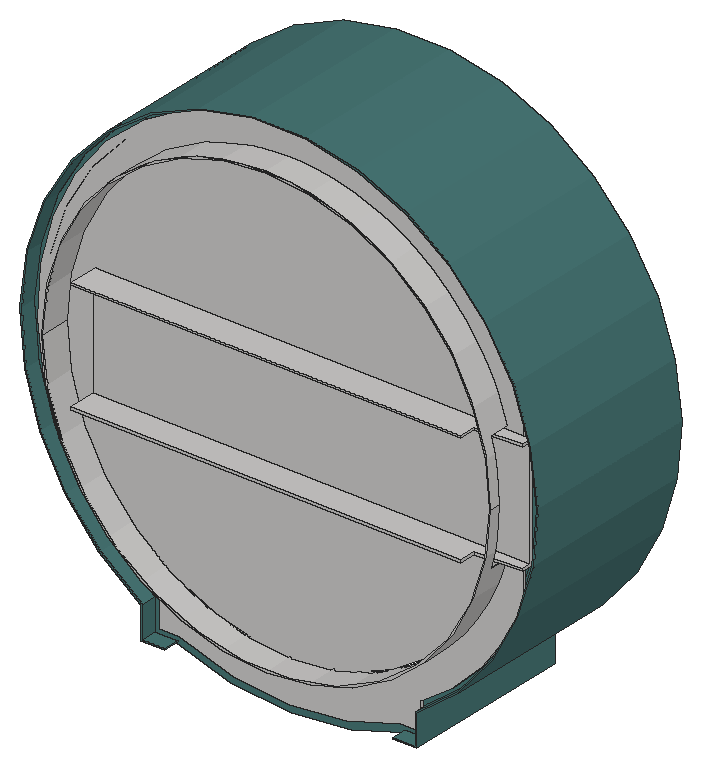
Revit family "DAN DRYER Björk Toilet Roll Holder Jumbo + 1 3360", category Casework, host Wall, Revit 2018
Family settings
  Host = Wall
  OmniClass Number = 23.40.35.00
  OmniClass Title = Casework
  Always vertical = Yes
  Cut with Voids When Loaded = No
  Shared = No
  Room Calculation Point = No
Parameters (values of type "DAN DRYER Björk Toilet Roll Holder Jumbo + 1 - 3360")
  URL = "https://www.dandryer.com/Files/Billeder/PDF/Datablade/Nye/Data%20sheet%20DAN%20DRYER%20BJ%C3%96RK%20Jumbo%203350-3355-3360.pdf"
  Model = "Björk - 3360"
  Manufacturer = "Dan Dryer"
  Description = "Toilet Roll Holder Jumbo + 1"
Reference planes
  plane 1: y = 0
  plane 2 "Center (Left/Right)": x = 125
  plane 3 "Back": y = 75
Text (mm)
  text "Placement side" at (-1343.702, 674.496, 0), in view "Ref. Level"
  text "Placement side" at (0, 1232.041, 2958.779), in view "Left"
  text "Placement side" at (0, 590.385, 3035.99), in view "Right"
Dimensions and locks
  locked: plane 3 "Back" to host wall at 0
  aligned and locked: plane 1 to host wall
  aligned and locked: nested 1 to plane 3 "Back"
Nested families
  nested 1: "Toilet Roll Holder Jumbo" at (125, 75, 1300) x (-1, 0, 0) z (0, 0, 1), type "Toilet Roll Holder Jumbo"
Definition of nested family "Toilet Roll Holder Jumbo"
  Parameters (values of type "Toilet Roll Holder Jumbo")
    Shield Finish = none
    Default Elevation = 1219.2 mm
  Reference planes
    plane 1 "Center (Front/Back)": y = 0
    plane 2: z = 0
    plane 3 "Center (Left/Right)": x = 0
  Dimensions and locks
    aligned and locked: level to plane 2
    aligned and locked: nested 1 to plane 1 "Center (Front/Back)"
    aligned and locked: nested 2 to nested 1
  Nested families
    nested 1: "Backplate" at (0, 0, 0) x (1, 0, 0) z (0, -1, 0), type "Backplate"
    nested 2: "Shield" at (0, -14.5, 0) x (1, 0, 0) z (0, -1, 0), type "Shield"
  Definition of nested family "Backplate"
    Parameters (values of type "Backplate")
      Stainless steel = none
      Default Elevation = 1219.2 mm
    Reference planes
      plane 1 "Center (Front/Back)": y = 0
      plane 2: z = 0
      plane 3 "Center (Left/Right)": x = 0
      plane 4: x = -115
      plane 5: x = 115
      plane 6: x = -205
    Forms (mm)
      Extrusion 1, solid, material <- "Stainless steel"
        sketch origin (0, 0, 0) x (1, 0, 0) y (0, 1, 0)
          loop
            circle (0, 0) r 197.5
          loop
            circle (0, 0) r 196.5
        from 1 to 27
      Extrusion 2, solid, material <- "Stainless steel"
        sketch origin (0, 0, 0) x (0, 1, 0) y (0, 0, 1)
          loop
            line (50, 0) -> (50, 27) -> (-50, 27) -> (-50, 0) -> (-48, 0) -> (-48, 25) -> (48, 25) -> (48, 0) -> (50, 0)
        from -212.535 to 171.153
      Extrusion 3, void
        sketch origin (0, 0, 0) x (1, 0, 0) y (0, 0, 1)
          loop
            line (-251.85, 19.915) -> (-251.85, -4.28) -> (-171.698, -4.28) -> (-171.698, 14.31) -> (-251.85, 19.915)
        from 60 to -60
      Extrusion 4, solid, material <- "Stainless steel"
        sketch origin (0, 0, 0) x (1, 0, 0) y (0, 1, 0)
          loop
            arc (115, -190.476) -> (145.613, 168.235) -> (-205, 86.494) r 222.5
            line (-205, 86.494) -> (-205, -86.494)
            arc (-205, -86.494) -> (-168.235, -145.613) -> (-115, -190.476) r 222.5
            line (-115, -190.476) -> (-115, -215) -> (-97.565, -215)
            arc (-97.565, -215) -> (0, -234) -> (97.565, -215) r 260
            line (97.565, -215) -> (115, -215) -> (115, -190.476)
        from 28.5 to 27
      Extrusion 5, void
        sketch origin (0, 0, 0) x (0, 1, 0) y (0, 0, 1)
          loop
            line (52.109, 27) -> (-52.891, 27) -> (-52.891, 9.569) -> (52.109, 9.569) -> (52.109, 27)
        from -150 to -200
    Cuts and joins
      Extrusion 5 cuts Extrusion 1
      Extrusion 3 cuts Extrusion 2
      Extrusion 5 cuts Extrusion 4
      joined: Extrusion 1, Extrusion 2, Extrusion 4
    Dimensions and locks
      plane 6 to Extrusion 4 sketch curve = 427.5 mm
      aligned and locked: level to plane 2
  Definition of nested family "Shield"
    Parameters (values of type "Shield")
      Paint finish = none
      Default Elevation = 1219.2 mm
    Reference planes
      plane 1 "Center (Front/Back)": y = 0
      plane 2: z = 0
      plane 3 "Center (Left/Right)": x = 0
      plane 4: z = 79.647
      plane 5: y = -241.1
    Forms (mm)
      Extrusion 1, solid, material <- "Paint finish"
        sketch origin (0, 0, 0) x (1, 0, 0) y (0, 1, 0)
          loop
            line (-121, -192.653) -> (-121, -220.453) -> (-100, -220.453) -> (-100, -219.453) -> (-120, -219.453) -> (-120, -192.1)
            arc (-120, -192.1) -> (0, 226.5) -> (120, -192.1) r 226.5
            line (120, -192.1) -> (120, -219.453) -> (100, -219.453) -> (100, -220.453) -> (121, -220.453) -> (121, -192.653)
            arc (121, -192.653) -> (0, 227.5) -> (-121, -192.653) r 227.5
        from 0 to 158
      Extrusion 2, void
        sketch origin (0, 56.875, 0) x (0, 1, 0) y (0, 0, 1)
          loop
            line (-282.328, 195.172) -> (-282.328, 151.5) -> (-249.73, 151.5) -> (-249.73, 195.172) -> (-282.328, 195.172)
        from 150 to -150
      Extrusion 3, solid, material <- "Paint finish"
        sketch origin (0, 0, 0) x (1, 0, 0) y (0, 1, 0)
          loop
            line (-120, -192.1) -> (-120, -219.453) -> (120, -219.453) -> (120, -192.1)
            arc (120, -192.1) -> (0, 226.5) -> (-120, -192.1) r 226.5
          loop
            line (-2.5, -131.453) -> (-2.5, -176.453)
            arc (-2.5, -176.453) -> (0, -178.953) -> (2.5, -176.453) r 2.5
            line (2.5, -176.453) -> (2.5, -131.453)
            arc (2.5, -131.453) -> (0, -128.953) -> (-2.5, -131.453) r 2.5
        from 150.5 to 151.5
      Extrusion 4, solid, material <- "Paint finish"
        sketch origin (0, 0, 0) x (1, 0, 0) y (0, 1, 0)
          loop
            line (-120, -192.1) -> (-120, -219.453) -> (-100, -219.453) -> (-100, -220.453) -> (-104.544, -220.453)
            arc (-104.544, -220.453) -> (0, -241.1) -> (104.544, -220.453) r 275
            line (104.544, -220.453) -> (100, -220.453) -> (100, -219.453) -> (120, -219.453) -> (120, -192.1)
            arc (120, -192.1) -> (0, 226.5) -> (-120, -192.1) r 226.5
          loop
            line (-110, -186.473) -> (-110, -201.684)
            arc (-110, -201.684) -> (0, -226.1) -> (110, -201.684) r 260
            line (110, -201.684) -> (110, -186.473)
            arc (110, -186.473) -> (0, 216.5) -> (-110, -186.473) r 216.5
        from 15.5 to 14
    Cuts and joins
      Extrusion 2 cuts Extrusion 1
      joined: Extrusion 1, Extrusion 3, Extrusion 4
    Dimensions and locks
      Extrusion 1 to Extrusion 2 sketch curve = 6.5 mm
      cut or joined group of Extrusion 1, Extrusion 2, Extrusion 3, Extrusion 4 to plane 5 = 468.6 mm
      aligned and locked: level to plane 2
